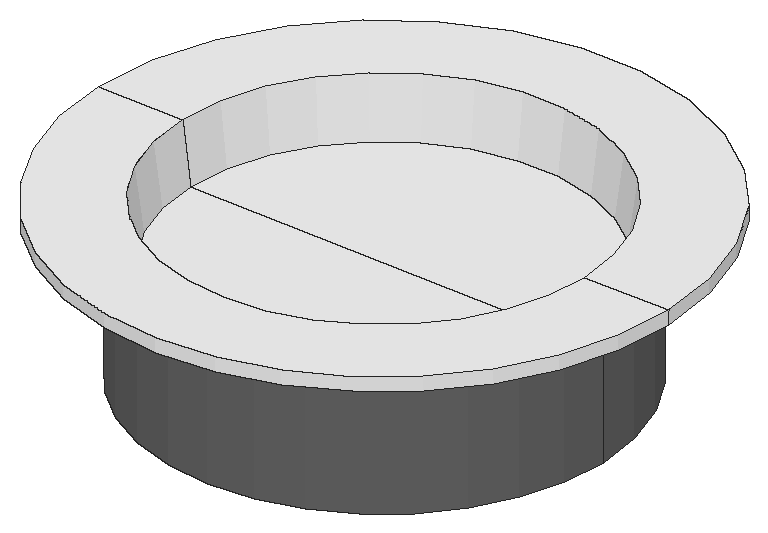
Revit family "0030380", category Lighting Fixtures, host Face, Revit 2017
Family settings
  Host = Face
  Round Connector Dimension = Use Diameter
  Part Type = Normal
  OmniClass Number = 23.80.70.00
  OmniClass Title = Lighting
  Cut with Voids When Loaded = No
  Light Source = Yes
  Shared = No
  Room Calculation Point = No
Parameters (values of type "0030380 START DOWNLIGHT 90 IP44 880LM 840 DIM")
  Weight = "5.22 kg"
  Wattage Comments = ""
  Wattage = 7.8 W
  WarrantyStartDate [instance] = "n/a"
  WarrantyGuarantorParts = "n/a"
  WarrantyDurationUnit = "n/a"
  WarrantyDurationParts = "n/a"
  WarrantyDescription = "n/a"
  built-in parameter 1150110 = 1 (stored number, unit not read)
  Voltage = 230 V
  URL = "http://www.sylvania-lighting.com"
  TypeName = "START Downlight 90 IP44 880Lm 840 DIM"
  Type Image = <None>
  Type Comments = "n/a"
  built-in parameter 1114217 = 1 (stored number, unit not read)
  Tilt Angle = -90.00°
  built-in parameter 1150109 = 1 (stored number, unit not read)
  built-in parameter 1150134 = 12
  built-in parameter 1150113 = 1 (stored number, unit not read)
  SerialNumber [instance] = "n/a"
  RadiusTop_SYL = 120 mm
  Photometric Web File = "0030380.ies"
  Material_3_SYL = Top-Sylvania-STARTDownlight
  PowerFactor = 0.9
  PowerConsumption = "7.8 W"
  NominalLength = 109 mm
  NominalHeight = 38 mm
  NominalDepth = 109 mm
  Name = "START Downlight 90 IP44 880Lm 840 DIM"
  ModelReference = Name  # "START Downlight 90 IP44 880Lm 840 DIM"
  ModelNumber = "0030380"
  Model = Name  # "START Downlight 90 IP44 880Lm 840 DIM"
  Material = "aluminium housing, pc polycarbonate diffuser"
  ManufacturerName = "Feilo Sylvania"
  Manufacturer = "Feilo Sylvania"
  LuminousEfficacy = "113 lm/W"
  built-in parameter 1150105 = 488.09 (stored number, unit not read)
  Lumens = 881.4 lm
  LuminaireType = ""
  built-in parameter 1150115 = 1 (stored number, unit not read)
  LightOutputRatio = "n/a"
  built-in parameter 1150137 = (empty or 0)
  built-in parameter 1150139 = (empty or 0)
  LampsType = Lamp  # "LED"
  LampNominalLuminous = "880 lm"
  LampMacAdamStep = "n/a"
  LampColourTemperature = "4000 K"
  LampColourRenderingIndex = "80"
  built-in parameter 1150112 = 1 (stored number, unit not read)
  built-in parameter 1150114 = 1 (stored number, unit not read)
  Lamp = "LED"
  Keynote = "16500"
  InstallationDate [instance] = "n/a"
  InputVoltage = "220-240 V AC"
  InputNominalFrequency = "50/60 Hz"
  built-in parameter 1150132 = (empty or 0)
  built-in parameter 1150102 = (empty or 0)
  built-in parameter 1150107 = 4000 (stored number, unit not read)
  built-in parameter 1150138 = (empty or 0)
  IngressProtection = "IP44/20"
  ImpactProtectionIndex = "IK07"
  built-in parameter 1150106 = 4.8809 (stored number, unit not read)
  IfcExportType = "IfcLightFixtureType"
  IfcExportAs = "IfcLightFixtureType"
  Height_SYL = 62 mm
  ExpectedLife = 50000
  Emit from Circle Diameter = 64 mm  # constant formula
  Emit Shape Visible in Rendering = no
  ElectricShockClassification = "Class II"
  built-in parameter 1150104 = 10.498 (stored number, unit not read)
  DurationUnit = "hours"
  DocumentationLiterature = "http://www.sylvania-lighting.com/product/en-int/products/0030380"
  DimmingControlOptions = "n/a"
  Material_2_SYL = Diffuser-Sylvania-STARTDownlight
  Dimming Lamp Color Temperature Shift = <None>
  Diameter_SYL = 240 mm
  DiameterTop_SYL = 105 mm
  DiameterRecess_SYL = 216 mm
  Description = "A ceiling recessed LED downlight IP44 (from the front) with phase dimmable driver, perfect where limited ceiling void is available with only 38mm product depth and 90mm cutout. The polycarbonate diffuser allows for a wider light distribution and increased spacings between luminiares. Loop in loop out connector allows for quick installation. Die-cast aluminium body, 880LM, 7.8W, 113lm/W, 4000K, Driver Current: 250mA, CRI80, 80° beam angle, IP44 from the front, IK07, 50,000 hrs (L70), (HxW) 38x109mm, 6 step MacAdam ellipse, Class 2, 220-240V, energy class: A++, A+, A"
  Default Elevation = 1219.2 mm
  CreatedOn = "9/23/2019"
  CreatedBy = "@sylvania-lighting.com"
  Cost = 0
  Color Filter = 16777215
  built-in parameter 1114216 [instance] = (empty or 0)
  ClassificationValue = "EF_70_80"
  ClassificationName = "Uniclass2015"
  Material_1_SYL = Trim-Sylvania-STARTDownlight-White
  BarCode [instance] = "n/a"
  built-in parameter 1114218 = 1 (stored number, unit not read)
  built-in parameter 1150133 = 10 (stored number, unit not read)
  AssetType = "Fixed"
  AssetIdentifier [instance] = "n/a"
  Assembly Code = "D5020200"
  Apparent Load = 7.8 VA
  Material_4_SYL = LED-Sylvania-STARTDownlight
Reference planes
  plane 1 "Center (Front/Back)": y = 0
  plane 2: z = 0
  plane 3 "Center (Left/Right)": x = 0
  plane 4: x = -45
  plane 5: x = -54.5
  plane 6: z = 2.5
  plane 7: x = -42
  plane 8: z = -28
  plane 9: x = -40
  plane 10: z = -34
  plane 11: x = -30
  plane 12: x = -38.5
  plane 13: z = -8.5
  plane 14: x = -37
Forms (mm)
  Revolve 1, void
    sketch origin (0, 0, 0) x (1, 0, 0) y (0, 0, 1)
      loop
        line (0, 0) -> (-45, 0) -> (-45, -85) -> (0, -85) -> (0, 0)
      axis (0, 0) -> (0, -85)
    angle from 360 to 0
  Revolve 2, solid, material "Trim-Sylvania-STARTDownlight-White" <- "Material_1_SYL"
    sketch origin (0, 0, 0) x (1, 0, 0) y (0, 0, 1)
      loop
        line (-38.5, 2.5) -> (-54.5, 2.5) -> (-54.5, 0) -> (-42, 0) -> (-42, -28) -> (-40, -28) -> (-30, -34) -> (0, -34) -> (0, -8.5) -> (-37, -8.5) -> (-38.5, 2.5)
      axis (0, 2.5) -> (0, -34)
    angle from 360 to 0
Dimensions and locks
  locked: plane 3 "Center (Left/Right)" to plane 4 at 45
  locked: plane 6 to plane 2 at 2.5
  locked: plane 3 "Center (Left/Right)" to plane 5 at 54.5
  locked: plane 3 "Center (Left/Right)" to plane 7 at 42
  locked: plane 2 to plane 8 at 28
  locked: plane 9 to plane 7 at 2
  locked: plane 8 to plane 10 at 6
  locked: plane 3 "Center (Left/Right)" to plane 11 at 30
  locked: plane 12 to plane 5 at 16
  locked: plane 2 to plane 13 at 8.5
  locked: plane 14 to plane 12 at 1.5
  aligned and locked: plane 2 to host face
  aligned and locked: level to host face
  aligned and locked: plane 3 "Center (Left/Right)" to imposter light
  aligned and locked: imposter light to plane 1 "Center (Front/Back)"
  aligned and locked: Revolve 1 sketch curve to plane 4
  aligned and locked: Revolve 2 sketch curve to plane 3 "Center (Left/Right)"
  aligned and locked: Revolve 2 sketch curve to plane 6
  aligned and locked: Revolve 2 sketch curve to plane 5
  aligned and locked: Revolve 2 sketch curve to level
  aligned and locked: plane 8 to Revolve 2 sketch curve  (x2)
  aligned and locked: Revolve 2 sketch curve to plane 7
  aligned and locked: plane 9 to Revolve 2 sketch curve
  aligned and locked: plane 11 to Revolve 2 sketch curve
  aligned and locked: plane 10 to Revolve 2 sketch curve
  aligned and locked: plane 3 "Center (Left/Right)" to Revolve 2 sketch curve
  aligned and locked: plane 13 to Revolve 2 sketch curve  (x2)
  aligned and locked: imposter light to plane 13
Connectors
  electrical at (0, 0, -34), driven by "Voltage", driven by "Apparent Load", driven by "PowerFactor"
    settings: on Revolve 2, index 1, voltage 230 V, apparent load 7.8 VA, apparent load phase1 0 VA, apparent load phase2 0 VA, apparent load phase3 0 VA, power factor 0.9, load classification "Other", number of poles 1, system type 30, power factor state 1, is connector primary yes, connector utility no, sub classification motor no, connector description ""
